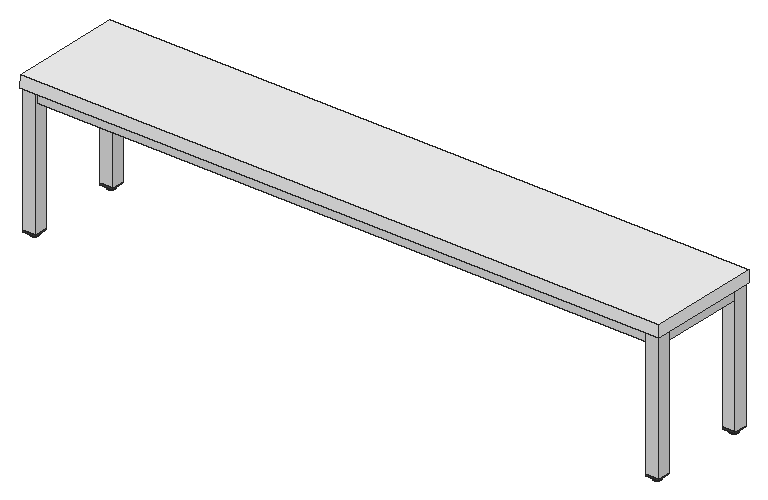
Revit family "Deck Seat Steel Frame 800 Deep 750 High", category Furniture, Revit 2016
Family settings
  OmniClass Number = 23.40.20.00
  OmniClass Title = General Furniture and Specialties
  Work Plane-Based = No
  Always vertical = Yes
  Cut with Voids When Loaded = No
  Shared = No
  Room Calculation Point = No
Parameters (values of type "2000 x 350")
  Width = 2000 mm
  URL = "www.gof.co.uk"
  Type Comments = ""
  Range = "DECK"
  Product Code = "DCBSM20"
  Table Top = Gresham - White MFC
  Model = ""
  Manufacturer = "Gresham Office Furniture"  # constant formula
  Frame = Gresham - Silver Metal
  Foot = Gresham - Black Plastic
  Assembly Code = "E2020200"
Types (7, lengths in mm): name | Width | Product Code
  (no name) | 2000 | "DCBSM20"
  1600 x 350 | 1600 | "DCBSM16"
  1800 x 350 | 1800 | "DCBSM18"
  1400 x 350 | 1400 | "DCBSM14"
  2000 x 350 | 2000 | "DCBSM20"
  1200 x 350 | 1200 | "DCBSM12"
  1000 x 350 | 1000 | "DCBSM10"
Reference planes
  plane 1 "Center (Front/Back)": y = 0
  plane 2: z = 0
  plane 3 "Center (Left/Right)": x = 0
  plane 4: x = -1000
  plane 5: x = 1000
  plane 6 "Table Underside": z = 414
  plane 7: y = 175
  plane 8: y = -175
  plane 9 "Foot": z = 15
  plane 10: y = 62.5
  plane 11: y = -62.5
Forms (mm)
  Extrusion 1, solid, material "Gresham - Black Plastic"
    sketch origin (474.491, 501.168, 0) x (0.707107, -0.707107, 0) y (0.707107, 0.707107, 0)
      loop
        circle (814.259, -106.574) r 12
      loop
        circle (602.185, 105.501) r 12
    from 0 to 5
  Extrusion 2, solid, material "Gresham - White MFC" <- "Table Top"
    sketch origin (0, 0, 414) x (-1, 0, 0) y (0, -1, 0)
      loop
        line (-1000, -175) -> (1000, -175) -> (1000, 175) -> (-1000, 175) -> (-1000, -175)
    from 0 to 36
  Extrusion 3, solid, material "Gresham - Silver Metal" <- "Frame"
    sketch origin (995, -16.506, 0) x (0, -1, 0) y (0, 0, 1)
      loop
        line (113.494, 414) -> (113.494, 15) -> (153.494, 15) -> (153.494, 414) -> (113.494, 414)
    from 0 to 40
  Extrusion 4, solid, material "Gresham - Silver Metal"
    sketch origin (0, 16.622, 15) x (-1, 0, 0) y (0, -1, 0)
      loop
        circle (-975, 166.622) r 5
      loop
        circle (-975, -133.378) r 5
    from -10 to -5
  Extrusion 5, solid, material "Gresham - Black Plastic" <- "Foot"
    sketch origin (0, 0, 15) x (-1, 0, 0) y (0, -1, 0)
      loop
        line (-995, 170) -> (-995, 130) -> (-955, 130) -> (-955, 170) -> (-995, 170)
      loop
        line (995, 170) -> (955, 170) -> (955, 130) -> (995, 130) -> (995, 170)
      loop
        line (995, -170) -> (995, -130) -> (955, -130) -> (955, -170) -> (995, -170)
      loop
        line (-995, -170) -> (-955, -170) -> (-955, -130) -> (-995, -130) -> (-995, -170)
    from 0 to -5
  Extrusion 6, solid, material "Gresham - Silver Metal" <- "Frame"
    sketch origin (-995, -16.506, 0) x (0, -1, 0) y (0, 0, -1)
      loop
        line (113.494, -414) -> (153.494, -414) -> (153.494, -15) -> (113.494, -15) -> (113.494, -414)
    from 0 to 40
  Extrusion 7, solid, material "Gresham - Silver Metal" <- "Frame"
    sketch origin (995, 16.506, 0) x (0, 1, 0) y (0, 0, -1)
      loop
        line (113.494, -414) -> (153.494, -414) -> (153.494, -15) -> (113.494, -15) -> (113.494, -414)
    from 0 to 40
  Extrusion 8, solid, material "Gresham - Silver Metal" <- "Frame"
    sketch origin (-995, 16.506, 0) x (0, 1, 0) y (0, 0, 1)
      loop
        line (113.494, 414) -> (113.494, 15) -> (153.494, 15) -> (153.494, 414) -> (113.494, 414)
    from 0 to 40
  Extrusion 9, solid, material "Gresham - Black Plastic"
    sketch origin (-474.491, 501.168, 0) x (-0.707107, -0.707107, 0) y (0.707107, -0.707107, 0)
      loop
        circle (814.259, 106.574) r 12
      loop
        circle (602.185, -105.501) r 12
    from 0 to 5
  Extrusion 10, solid, material "Gresham - Silver Metal"
    sketch origin (0, 16.622, 15) x (1, 0, 0) y (0, 1, 0)
      loop
        circle (-975, -166.622) r 5
      loop
        circle (-975, 133.378) r 5
    from -10 to -5
  Extrusion 11, solid, material "Gresham - Silver Metal" <- "Frame"
    sketch origin (-955, -16.506, 0) x (0, -1, 0) y (0, 0, -1)
      loop
        line (149.494, -414) -> (149.494, -382) -> (117.494, -382) -> (117.494, -414) -> (149.494, -414)
    from 0 to 1910
  Extrusion 12, solid, material "Gresham - Silver Metal" <- "Frame"
    sketch origin (-516.506, 355, 0) x (-1, 0, 0) y (0, 0, -1)
      loop
        line (474.494, -414) -> (474.494, -382) -> (442.494, -382) -> (442.494, -414) -> (474.494, -414)
    from 225 to 485
  Extrusion 13, solid, material "Gresham - Silver Metal" <- "Frame"
    sketch origin (516.506, 355, 0) x (1, 0, 0) y (0, 0, 1)
      loop
        line (474.494, 414) -> (442.494, 414) -> (442.494, 382) -> (474.494, 382) -> (474.494, 414)
    from 225 to 485
  Extrusion 14, solid, material "Gresham - Silver Metal" <- "Frame"
    sketch origin (-955, 16.506, 0) x (0, 1, 0) y (0, 0, 1)
      loop
        line (149.494, 414) -> (117.494, 414) -> (117.494, 382) -> (149.494, 382) -> (149.494, 414)
    from 0 to 1910
Dimensions and locks
  locked: plane 6 "Table Underside" to plane 2 at 414
  equal spacing: plane 4, plane 3 "Center (Left/Right)", plane 5
  "Width": plane 4 to plane 5
  equal spacing: plane 7, plane 1 "Center (Front/Back)", plane 8, locked at 175 each
  locked: plane 7 to plane 8 at 350
  locked: Extrusion 2 to level at 450
  locked: Extrusion 3 to Extrusion 3 at 40  (x2)
  plane 7 to Extrusion 3 = 305 mm
  locked: Extrusion 3 to plane 8 at 5
  plane 9 "Foot" to plane 2 = 15 mm
  locked: Extrusion 3 to plane 5 at 5
  equal spacing: plane 11, plane 1 "Center (Front/Back)", plane 10
  plane 10 to plane 11 = 125 mm
  locked: Extrusion 2 to Extrusion 2 at 36
  locked: Extrusion 2 to Extrusion 4 sketch curve at 25  (x2)
  locked: Extrusion 2 to Extrusion 1 sketch curve at 25.041
  locked: Extrusion 6 to Extrusion 6 at 40  (x2)
  locked: plane 7 to Extrusion 1 sketch curve at 25.041
  locked: Extrusion 4 sketch curve to Extrusion 2 at 25  (x2)
  locked: Extrusion 7 to Extrusion 7 at 40  (x2)
  locked: Extrusion 8 to Extrusion 8 at 40  (x2)
  locked: Extrusion 2 to Extrusion 10 sketch curve at 25
  locked: Extrusion 10 sketch curve to plane 8 at 25
  locked: plane 7 to Extrusion 10 sketch curve at 25
  locked: plane 4 to Extrusion 10 sketch curve at 25
  locked: Extrusion 2 to Extrusion 9 sketch curve at 25.1  (x2)
  locked: Extrusion 2 to Extrusion 9 sketch curve at 25.041  (x2)
  locked: Extrusion 1 sketch curve to plane 5 at 25.1  (x2)
  locked: Extrusion 7 to plane 5 at 5
  locked: plane 7 to Extrusion 7 at 5
  locked: plane 4 to Extrusion 8 at 5
  locked: plane 7 to Extrusion 8 at 5
  locked: plane 4 to Extrusion 6 at 5
  locked: Extrusion 6 to plane 8 at 5
  locked: Extrusion 11 sketch curve to Extrusion 11 sketch curve at 32
  locked: Extrusion 11 sketch curve to Extrusion 2 at 32
  locked: Extrusion 12 sketch curve to Extrusion 12 sketch curve at 32
  locked: Extrusion 13 sketch curve to Extrusion 13 sketch curve at 32
  locked: Extrusion 14 sketch curve to Extrusion 14 sketch curve at 32
  aligned and locked: level to plane 2
  aligned and locked: Extrusion 2 to plane 8
  aligned and locked: plane 7 to Extrusion 2
  aligned and locked: Extrusion 2 sketch curve to plane 4
  aligned and locked: Extrusion 2 sketch curve to plane 8
  aligned and locked: Extrusion 2 sketch curve to plane 5
  aligned and locked: plane 7 to Extrusion 2 sketch curve
  aligned and locked: Extrusion 3 to plane 9 "Foot"
  aligned and locked: Extrusion 2 to plane 6 "Table Underside"
  aligned and locked: Extrusion 11 to Extrusion 3
  aligned and locked: Extrusion 12 to Extrusion 8
  aligned and locked: Extrusion 12 to Extrusion 6
  aligned and locked: Extrusion 13 to Extrusion 7
  aligned and locked: Extrusion 13 to Extrusion 3
  aligned and locked: Extrusion 14 to Extrusion 3
Automatic sketch dimensions
  Extrusion 3 sketch curve to plane 9 "Foot" = 0 mm
  Extrusion 3 sketch curve to plane 6 "Table Underside" = 0 mm
  plane 8 to Extrusion 3 sketch curve = 45 mm
  plane 8 to Extrusion 3 sketch curve = 5 mm
  Extrusion 6 sketch curve to plane 9 "Foot" = 0 mm
  Extrusion 6 sketch curve to plane 6 "Table Underside" = 0 mm
  plane 8 to Extrusion 6 sketch curve = 45 mm
  plane 8 to Extrusion 6 sketch curve = 5 mm
  Extrusion 7 sketch curve to plane 9 "Foot" = 0 mm
  Extrusion 7 sketch curve to plane 6 "Table Underside" = 0 mm
  Extrusion 7 sketch curve to plane 7 = 45 mm
  Extrusion 7 sketch curve to plane 7 = 5 mm
  Extrusion 8 sketch curve to plane 9 "Foot" = 0 mm
  Extrusion 8 sketch curve to plane 6 "Table Underside" = 0 mm
  Extrusion 8 sketch curve to plane 7 = 45 mm
  Extrusion 8 sketch curve to plane 7 = 5 mm
  Extrusion 11 sketch curve to Extrusion 6 = 0 mm
  Extrusion 11 sketch curve to Extrusion 6 = 4 mm
  Extrusion 12 sketch curve to plane 6 "Table Underside" = 0 mm
  plane 4 to Extrusion 12 sketch curve = 41 mm
  Extrusion 12 sketch curve to plane 6 "Table Underside" = 32 mm
  Extrusion 13 sketch curve to plane 6 "Table Underside" = 0 mm
  plane 5 to Extrusion 13 sketch curve = 41 mm
  Extrusion 13 sketch curve to plane 6 "Table Underside" = 32 mm
  Extrusion 6 to Extrusion 14 sketch curve = 0 mm
  Extrusion 6 to Extrusion 14 sketch curve = 264 mm
  Extrusion 14 sketch curve to Extrusion 14 sketch curve = 32 mm
  plane 5 to Extrusion 5 sketch curve = 5 mm  (x2)
  Extrusion 5 sketch curve to plane 7 = 5 mm  (x2)
  Extrusion 5 sketch curve to Extrusion 5 sketch curve = 40 mm  (x4)
  plane 4 to Extrusion 5 sketch curve = 45 mm  (x2)
  plane 4 to Extrusion 5 sketch curve = 5 mm  (x2)
  plane 8 to Extrusion 5 sketch curve = 45 mm  (x2)
  plane 8 to Extrusion 5 sketch curve = 5 mm  (x2)
  radius of Extrusion 1 sketch curve = 12 mm  (x2)
  radius of Extrusion 4 sketch curve = 5 mm  (x2)
  radius of Extrusion 9 sketch curve = 12 mm  (x2)
  radius of Extrusion 10 sketch curve = 5 mm  (x2)
